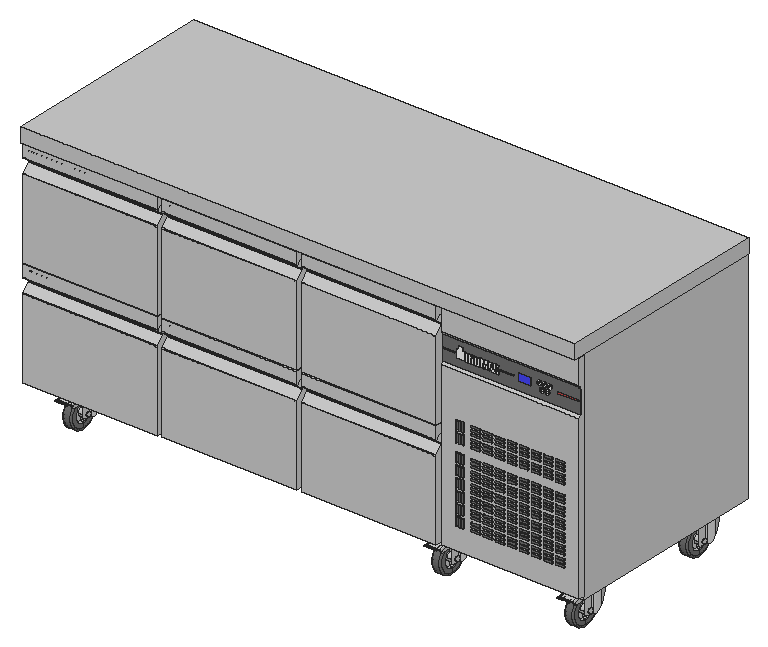
Revit family "QF_INOMAK_PNRP999_250513020157", category Specialty Equipment, Revit 2021 (continued)
Definition of nested family "QF_INOMAK_REF_COUNTERS_DOORS_DRAWERS_6956"
  Definition of nested family "3_Drawers_1-3"
    Forms (mm)
      Extrusion 5, solid, material <- "Finish", visible <- "3 Drawers"
        sketch origin (35, 0, -220.667) x (0, -1, 0) y (0, 0, 1)
          loop
            line (665.734, 908.339) -> (665.734, 935.243)
            arc (665.734, 935.243) -> (666.433, 936.929) -> (668.119, 937.628) r 2.385
            line (668.119, 937.628) -> (680.029, 937.628) -> (686.544, 928.324)
            arc (686.544, 928.324) -> (688.671, 927.602) -> (690, 929.414) r 1.9
            line (690, 929.414) -> (690, 967.667) -> (648, 967.667) -> (648, 674) -> (690, 674)
        from 0 to -1130
      Extrusion 6, solid, material <- "Finish", visible <- "3 Drawers"
        sketch origin (35, 0, -441.333) x (0, -1, 0) y (0, 0, 1)
          loop
            line (690, 595.333) -> (690, 800.031)
            arc (690, 800.031) -> (689.866, 800.704) -> (689.485, 801.274) r 1.757
            line (689.485, 801.274) -> (666.663, 824.096)
            arc (666.663, 824.096) -> (665.976, 825.125) -> (665.734, 826.339) r 3.172
            line (665.734, 826.339) -> (665.734, 857.243)
            arc (665.734, 857.243) -> (666.433, 858.929) -> (668.119, 859.628) r 2.385
            line (668.119, 859.628) -> (680.029, 859.628) -> (686.544, 850.324)
            arc (686.544, 850.324) -> (688.671, 849.602) -> (690, 851.414) r 1.9
            line (690, 851.414) -> (690, 889.333) -> (648, 889.333) -> (648, 595.333) -> (690, 595.333)
        from 0 to -1130
    Lines and regions (mm)
      symbolic lines, visible <- "3 Drawers"
        curve 1: line (35, -850, 900) -> (35, -890, 900)
        curve 2: line (35, -890, 900) -> (1165, -890, 900)
        curve 3: line (1165, -890, 900) -> (1165, -850, 900)
        curve 4: line (1165, -850, 900) -> (35, -850, 900)
        curve 5: line (1135, -850, 900) -> (1135, -700, 900)
        curve 6: line (65, -850, 900) -> (65, -700, 900)
        curve 7: line (35, -1040, 900) -> (35, -1080, 900)
        curve 8: line (35, -1080, 900) -> (1165, -1080, 900)
        curve 9: line (1165, -1080, 900) -> (1165, -1040, 900)
        curve 10: line (1165, -1040, 900) -> (35, -1040, 900)
        curve 11: line (1135, -1040, 900) -> (1135, -890, 900)
        curve 12: line (65, -1040, 900) -> (65, -890, 900)
        curve 13: line (35, -1225, 900) -> (35, -1265, 900)
        curve 14: line (35, -1265, 900) -> (1165, -1265, 900)
        curve 15: line (1165, -1265, 900) -> (1165, -1225, 900)
        curve 16: line (1165, -1225, 900) -> (35, -1225, 900)
        curve 17: line (1135, -1225, 900) -> (1135, -1080, 900)
        curve 18: line (65, -1225, 900) -> (65, -1080, 900)
    Dimensions and locks
      "Length Actual": plane 3 "Left" to plane 4 "Right"
      "Depth Actual": plane 5 "Front" to plane 1 "Back"
      "Height Actual": plane 6 "Top" to plane 8 "Legs top"
      "Front inset": plane 7 "Front legs" to plane 5 "Front"
      "Plinth height": plane 8 "Legs top" to plane 2
      "Rear inset": plane 9 "Backsplash thickness" to plane 1 "Back"
      "Right panel thickness": plane 11 "Right panel" to plane 4 "Right"
      "Left panel thickness": plane 3 "Left" to plane 10 "Left panel"
      plane 14 to plane 15 = 4.667 mm
      equal spacing: plane 14, plane 12, plane 15
      locked: plane 16 to plane 13 at 2
      equal spacing: plane 18, plane 17, plane 19
      plane 18 to plane 19 = 5.333 mm
      "Bottom inset": plane 20 to plane 8 "Legs top"
      equal spacing: plane 21, plane 17, plane 12, plane 16
      "Top inset": plane 13 to plane 6 "Top"
      locked: plane 21 to plane 20 at 2
      aligned and locked: level to plane 2
      aligned and locked: Extrusion 1 to plane 11 "Right panel"
      aligned and locked: plane 10 "Left panel" to curve 1
      aligned and locked: plane 10 "Left panel" to curve 7
      aligned and locked: plane 10 "Left panel" to curve 13
      aligned and locked: Extrusion 2 sketch curve to plane 10 "Left panel"
      aligned and locked: plane 11 "Right panel" to Extrusion 2 sketch curve
      aligned and locked: Extrusion 3 sketch curve to plane 10 "Left panel"
      aligned and locked: plane 11 "Right panel" to Extrusion 3 sketch curve
      aligned and locked: Extrusion 4 sketch curve to plane 10 "Left panel"
      aligned and locked: plane 11 "Right panel" to Extrusion 4 sketch curve
      aligned and locked: Extrusion 2 to plane 13
      aligned and locked: Extrusion 3 to plane 15
      aligned and locked: Extrusion 4 to plane 19
      aligned and locked: Extrusion 5 to plane 11 "Right panel"
      aligned and locked: Extrusion 6 to plane 11 "Right panel"
      aligned and locked: Extrusion 1 sketch curve to plane 13
      aligned and locked: Extrusion 1 sketch curve to plane 7 "Front legs"
      aligned and locked: plane 18 to Extrusion 5 sketch curve
      aligned and locked: Extrusion 6 sketch curve to Extrusion 4  (x2)
      aligned and locked: Extrusion 5 sketch curve to plane 15
      aligned and locked: Extrusion 4 to Extrusion 5 sketch curve
      aligned and locked: Extrusion 6 sketch curve to plane 19
      aligned and locked: Extrusion 6 sketch curve to plane 20
    Automatic sketch dimensions
      Extrusion 2 sketch curve to plane 7 "Front legs" = 0 mm
      Extrusion 2 sketch curve to plane 5 "Front" = 565.045 mm
      Extrusion 3 sketch curve to plane 7 "Front legs" = 0 mm
      Extrusion 3 sketch curve to plane 5 "Front" = 565.045 mm
      Extrusion 4 sketch curve to plane 7 "Front legs" = 0 mm
      Extrusion 4 sketch curve to plane 5 "Front" = 565.045 mm
      curve 14 to plane 11 "Right panel" = 0 mm
      curve 8 to plane 11 "Right panel" = 0 mm
      curve 3 to plane 11 "Right panel" = 0 mm
      curve 6 to plane 5 "Front" = 0 mm
      curve 5 to plane 5 "Front" = 0 mm
      curve 1 to plane 5 "Front" = 150 mm
      curve 2 to curve 3 = 40 mm
      curve 10 to curve 1 = 150 mm
      curve 9 to curve 9 = 40 mm
      curve 13 to curve 7 = 145 mm
      curve 14 to curve 13 = 40 mm
      curve 3 to curve 5 = 30 mm
      curve 15 to curve 17 = 30 mm
      curve 11 to curve 17 = 0 mm
      curve 6 to plane 10 "Left panel" = 30 mm
      curve 18 to plane 10 "Left panel" = 30 mm
      curve 12 to curve 18 = 0 mm
      Extrusion 1 sketch curve to plane 14 = 0 mm
      Extrusion 1 sketch curve to plane 7 "Front legs" = 0 mm
      plane 7 "Front legs" to Extrusion 1 sketch curve = 0.515 mm
      plane 7 "Front legs" to Extrusion 1 sketch curve = 1.757 mm
      plane 7 "Front legs" to Extrusion 1 sketch curve = 1.9 mm
      Extrusion 1 sketch curve to Extrusion 1 sketch curve = 1.556 mm
      plane 7 "Front legs" to Extrusion 1 sketch curve = 9.971 mm
      plane 7 "Front legs" to Extrusion 1 sketch curve = 21.094 mm
      Extrusion 1 sketch curve to Extrusion 1 sketch curve = 11.91 mm
      Extrusion 1 sketch curve to Extrusion 1 sketch curve = 2.243 mm
      Extrusion 1 sketch curve to Extrusion 1 sketch curve = 2.385 mm
      Extrusion 1 sketch curve to Extrusion 1 sketch curve = 20.119 mm
      plane 13 to Extrusion 1 sketch curve = 85.635 mm
      Extrusion 1 sketch curve to Extrusion 1 sketch curve = 22.822 mm
      Extrusion 1 sketch curve to Extrusion 1 sketch curve = 19.985 mm
      Extrusion 1 sketch curve to Extrusion 1 sketch curve = 6.919 mm
      plane 15 to Extrusion 5 sketch curve = 59.328 mm
      Extrusion 5 sketch curve to Extrusion 5 sketch curve = 17.734 mm
      plane 15 to Extrusion 5 sketch curve = 61.571 mm
      Extrusion 5 sketch curve to Extrusion 5 sketch curve = 0.929 mm
      Extrusion 5 sketch curve to Extrusion 5 sketch curve = 2.385 mm
      Extrusion 5 sketch curve to Extrusion 5 sketch curve = 11.91 mm
      Extrusion 5 sketch curve to Extrusion 5 sketch curve = 6.515 mm
      Extrusion 5 sketch curve to Extrusion 5 sketch curve = 1.556 mm
      Extrusion 5 sketch curve to Extrusion 5 sketch curve = 21.58 mm
      plane 15 to Extrusion 5 sketch curve = 84.393 mm
      Extrusion 5 sketch curve to Extrusion 5 sketch curve = 1.242 mm
      Extrusion 5 sketch curve to Extrusion 5 sketch curve = 1.9 mm
      Extrusion 5 sketch curve to Extrusion 5 sketch curve = 0.515 mm
      Extrusion 5 sketch curve to Extrusion 5 sketch curve = 6.919 mm
      Extrusion 5 sketch curve to Extrusion 5 sketch curve = 30.039 mm
      plane 7 "Front legs" to Extrusion 6 sketch curve = 0.515 mm
      plane 7 "Front legs" to Extrusion 6 sketch curve = 1.757 mm
      plane 7 "Front legs" to Extrusion 6 sketch curve = 1.9 mm
      Extrusion 6 sketch curve to Extrusion 6 sketch curve = 1.556 mm
      plane 7 "Front legs" to Extrusion 6 sketch curve = 9.971 mm
      plane 7 "Front legs" to Extrusion 6 sketch curve = 21.094 mm
      Extrusion 6 sketch curve to Extrusion 6 sketch curve = 11.91 mm
      Extrusion 6 sketch curve to Extrusion 6 sketch curve = 2.243 mm
      Extrusion 6 sketch curve to Extrusion 6 sketch curve = 2.385 mm
      Extrusion 6 sketch curve to Extrusion 6 sketch curve = 20.119 mm
      plane 19 to Extrusion 6 sketch curve = 89.302 mm
      Extrusion 6 sketch curve to Extrusion 6 sketch curve = 22.822 mm
      Extrusion 6 sketch curve to Extrusion 6 sketch curve = 23.985 mm
      Extrusion 6 sketch curve to Extrusion 6 sketch curve = 6.919 mm
  Definition of nested family "2_Drawers_1-2"
    Parameters (values of type "2 Drawers 1-2")
      URL = "www.specifiglobal.com"
      Top inset [instance] = 4 mm
      Right panel thickness [instance] = 35 mm
      Rear inset [instance] = 10 mm
      Plinth height [instance] = 150 mm
      Model = ""
      Manufacturer = "DEMO CONSULTANT"
      Length Actual [instance] = 1200 mm
      Left panel thickness [instance] = 35 mm
      Height Actual [instance] = 900 mm
      Front inset [instance] = 10 mm
      Finish = none
      Doors drawers type [instance] = 4
      Description = ""
      Depth Actual [instance] = 700 mm
      Default Elevation = 0 mm
      Bottom inset [instance] = 4 mm
      Assembly Code = "E1090320"
      2 Drawers [instance] = Doors drawers type = 4  # yes
    Reference planes
      plane 1 "Back": y = 0
      plane 2: z = 0
      plane 3 "Left": x = 0
      plane 4 "Right": x = 1200
      plane 5 "Front": y = -700
      plane 6 "Top": z = 1050
      plane 7 "Front legs": y = -690
      plane 8 "Legs top": z = 150
      plane 9 "Backsplash thickness": y = -10
      plane 10 "Left panel": x = 35
      plane 11 "Right panel": x = 1165
      plane 12: z = 600
      plane 13: z = 1046
      plane 14: z = 602
      plane 15: z = 598
      plane 16: z = 154
    Forms (mm)
      Extrusion 1, solid, material <- "Finish", visible <- "2 Drawers"
        sketch origin (35, 0, 0) x (0, -1, 0) y (0, 0, 1)
          loop
            line (690, 602) -> (690, 960.365)
            arc (690, 960.365) -> (689.866, 961.037) -> (689.485, 961.607) r 1.757
            line (689.485, 961.607) -> (666.663, 984.429)
            arc (666.663, 984.429) -> (665.976, 985.458) -> (665.734, 986.672) r 3.172
            line (665.734, 986.672) -> (665.734, 1013.576)
            arc (665.734, 1013.576) -> (666.433, 1015.262) -> (668.119, 1015.961) r 2.385
            line (668.119, 1015.961) -> (680.029, 1015.961) -> (686.544, 1006.657)
            arc (686.544, 1006.657) -> (688.671, 1005.935) -> (690, 1007.747) r 1.9
            line (690, 1007.747) -> (690, 1046) -> (648, 1046) -> (648, 602) -> (690, 602)
        from 0 to -1130
      Extrusion 2, solid, visible <- "2 Drawers", detail levels coarse
        sketch origin (0, -640.463, 602) x (0, 1, 0) y (-1, 0, 0)
          loop
            line (-49.537, -35) -> (-624.537, -35) -> (-624.537, -1165) -> (-49.537, -1165) -> (-49.537, -35)
        from 0 to 444
      Extrusion 3, solid, visible <- "2 Drawers", detail levels coarse
        sketch origin (0, -700, 154) x (-1, 0, 0) y (0, 1, 0)
          loop
            line (-35, 10) -> (-1165, 10) -> (-1165, -565) -> (-35, -565) -> (-35, 10)
        from 0 to -444
      Extrusion 4, solid, material <- "Finish", visible <- "2 Drawers"
        sketch origin (35, 0, -441.333) x (0, -1, 0) y (0, 0, 1)
          loop
            line (690, 595.333) -> (690, 953.698)
            arc (690, 953.698) -> (689.866, 954.37) -> (689.485, 954.94) r 1.757
            line (689.485, 954.94) -> (666.663, 977.763)
            arc (666.663, 977.763) -> (665.976, 978.792) -> (665.734, 980.006) r 3.172
            line (665.734, 980.006) -> (665.734, 1006.909)
            arc (665.734, 1006.909) -> (666.433, 1008.596) -> (668.119, 1009.294) r 2.385
            line (668.119, 1009.294) -> (680.029, 1009.294) -> (686.544, 999.991)
            arc (686.544, 999.991) -> (688.671, 999.268) -> (690, 1001.08) r 1.9
            line (690, 1001.08) -> (690, 1039.333) -> (648, 1039.333) -> (648, 595.333) -> (690, 595.333)
        from 0 to -1130
    Lines and regions (mm)
      symbolic lines, visible <- "2 Drawers"
        curve 1: line (35, -940, 900) -> (35, -980, 900)
        curve 2: line (35, -980, 900) -> (1165, -980, 900)
        curve 3: line (1165, -980, 900) -> (1165, -940, 900)
        curve 4: line (1165, -940, 900) -> (35, -940, 900)
        curve 5: line (1135, -940, 900) -> (1135, -700, 900)
        curve 6: line (65, -940, 900) -> (65, -700, 900)
        curve 7: line (35, -1225, 900) -> (35, -1265, 900)
        curve 8: line (35, -1265, 900) -> (1165, -1265, 900)
        curve 9: line (1165, -1265, 900) -> (1165, -1225, 900)
        curve 10: line (1165, -1225, 900) -> (35, -1225, 900)
        curve 11: line (1135, -1225, 900) -> (1135, -980, 900)
        curve 12: line (65, -1225, 900) -> (65, -980, 900)
    Dimensions and locks
      "Length Actual": plane 3 "Left" to plane 4 "Right"
      "Depth Actual": plane 5 "Front" to plane 1 "Back"
      "Height Actual": plane 6 "Top" to plane 8 "Legs top"
      "Front inset": plane 7 "Front legs" to plane 5 "Front"
      "Plinth height": plane 8 "Legs top" to plane 2
      "Rear inset": plane 9 "Backsplash thickness" to plane 1 "Back"
      "Right panel thickness": plane 11 "Right panel" to plane 4 "Right"
      "Left panel thickness": plane 3 "Left" to plane 10 "Left panel"
      "Top inset": plane 6 "Top" to plane 13
      "Bottom inset": plane 16 to plane 8 "Legs top"
      equal spacing: plane 16, plane 12, plane 13
      locked: plane 14 to plane 12 at 2
      locked: plane 15 to plane 12 at 2
      aligned and locked: level to plane 2
      aligned and locked: Extrusion 1 to plane 11 "Right panel"
      aligned and locked: plane 10 "Left panel" to curve 1
      aligned and locked: plane 10 "Left panel" to curve 7
      aligned and locked: Extrusion 2 sketch curve to plane 10 "Left panel"
      aligned and locked: plane 11 "Right panel" to Extrusion 2 sketch curve
      aligned and locked: Extrusion 3 sketch curve to plane 10 "Left panel"
      aligned and locked: plane 11 "Right panel" to Extrusion 3 sketch curve
      aligned and locked: Extrusion 2 to plane 13
      aligned and locked: Extrusion 4 to plane 11 "Right panel"
      aligned and locked: Extrusion 3 to plane 15
      aligned and locked: Extrusion 1 sketch curve to plane 13
      aligned and locked: Extrusion 1 sketch curve to plane 7 "Front legs"
      aligned and locked: plane 14 to Extrusion 1 sketch curve
      aligned and locked: Extrusion 4 sketch curve to plane 15
      aligned and locked: Extrusion 4 sketch curve to plane 7 "Front legs"
      aligned and locked: Extrusion 4 sketch curve to plane 16
    Automatic sketch dimensions
      Extrusion 2 sketch curve to plane 7 "Front legs" = 0 mm
      Extrusion 2 sketch curve to plane 5 "Front" = 565 mm
      Extrusion 3 sketch curve to plane 7 "Front legs" = 0 mm
      Extrusion 3 sketch curve to plane 5 "Front" = 565 mm
      curve 9 to plane 11 "Right panel" = 0 mm
      curve 2 to plane 11 "Right panel" = 0 mm
      curve 5 to plane 5 "Front" = 0 mm
      curve 6 to plane 5 "Front" = 0 mm
      curve 1 to plane 5 "Front" = 240 mm
      curve 3 to curve 3 = 40 mm
      curve 7 to curve 1 = 245 mm
      curve 8 to curve 9 = 40 mm
      plane 11 "Right panel" to curve 5 = 30 mm
      curve 2 to curve 11 = 30 mm
      curve 6 to plane 10 "Left panel" = 30 mm
      curve 12 to plane 10 "Left panel" = 30 mm
      Extrusion 1 sketch curve to Extrusion 1 sketch curve = 17.734 mm
      Extrusion 1 sketch curve to Extrusion 1 sketch curve = 0.929 mm
      Extrusion 1 sketch curve to Extrusion 1 sketch curve = 2.385 mm
      Extrusion 1 sketch curve to Extrusion 1 sketch curve = 3.172 mm
      Extrusion 1 sketch curve to Extrusion 1 sketch curve = 11.91 mm
      Extrusion 1 sketch curve to Extrusion 1 sketch curve = 6.515 mm
      Extrusion 1 sketch curve to Extrusion 1 sketch curve = 1.556 mm
      Extrusion 1 sketch curve to Extrusion 1 sketch curve = 21.58 mm
      Extrusion 1 sketch curve to Extrusion 1 sketch curve = 1.242 mm
      Extrusion 1 sketch curve to Extrusion 1 sketch curve = 1.9 mm
      Extrusion 1 sketch curve to Extrusion 1 sketch curve = 0.515 mm
      Extrusion 1 sketch curve to Extrusion 1 sketch curve = 22.822 mm
      Extrusion 1 sketch curve to Extrusion 1 sketch curve = 19.985 mm
      Extrusion 1 sketch curve to Extrusion 1 sketch curve = 6.919 mm
      Extrusion 1 sketch curve to Extrusion 1 sketch curve = 30.039 mm
      Extrusion 4 sketch curve to plane 7 "Front legs" = 0 mm
      plane 7 "Front legs" to Extrusion 4 sketch curve = 0.515 mm
      plane 7 "Front legs" to Extrusion 4 sketch curve = 1.757 mm
      plane 7 "Front legs" to Extrusion 4 sketch curve = 1.9 mm
      Extrusion 4 sketch curve to Extrusion 4 sketch curve = 1.556 mm
      plane 7 "Front legs" to Extrusion 4 sketch curve = 9.971 mm
      plane 7 "Front legs" to Extrusion 4 sketch curve = 21.094 mm
      Extrusion 4 sketch curve to Extrusion 4 sketch curve = 11.91 mm
      Extrusion 4 sketch curve to Extrusion 4 sketch curve = 2.243 mm
      Extrusion 4 sketch curve to Extrusion 4 sketch curve = 2.385 mm
      Extrusion 4 sketch curve to Extrusion 4 sketch curve = 20.119 mm
      Extrusion 4 sketch curve to Extrusion 4 sketch curve = 22.822 mm
      Extrusion 4 sketch curve to Extrusion 4 sketch curve = 19.985 mm
      Extrusion 4 sketch curve to Extrusion 4 sketch curve = 6.919 mm
      Extrusion 4 sketch curve to Extrusion 4 sketch curve = 30.039 mm
  Definition of nested family "2_Drawers_1-3_2-3"
    Parameters (values of type "2 Drawers 1-3 and 2-3")
      URL = "www.specifiglobal.com"
      Top inset [instance] = 4 mm
      Right panel thickness [instance] = 35 mm
      Rear inset [instance] = 10 mm
      Plinth height [instance] = 150 mm
      Model = ""
      Manufacturer = "DEMO CONSULTANT"
      Length Actual [instance] = 1200 mm
      Left panel thickness [instance] = 35 mm
      Height Actual [instance] = 900 mm
      Front inset [instance] = 10 mm
      Finish = none
      Doors drawers type [instance] = 5
      Description = ""
      Depth Actual [instance] = 700 mm
      Default Elevation = 0 mm
      Bottom inset [instance] = 4 mm
      Assembly Code = "E1090320"
      2 Drawers 1-3 and 2-3 [instance] = Doors drawers type = 5  # yes
    Reference planes
      plane 1 "Back": y = 0
      plane 2: z = 0
      plane 3 "Left": x = 0
      plane 4 "Right": x = 1200
      plane 5 "Front": y = -700
      plane 6 "Top": z = 1050
      plane 7 "Front legs": y = -690
      plane 8 "Legs top": z = 150
      plane 9 "Backsplash thickness": y = -10
      plane 10 "Left panel": x = 35
      plane 11 "Right panel": x = 1165
      plane 12: z = 1046
      plane 13: z = 751.833
      plane 14: z = 746.833
      plane 15: z = 154
      plane 16: z = 450.667
      plane 17: z = 152
      plane 18: z = 1048
      plane 19: z = 749.333
    Forms (mm)
      Extrusion 1, solid, material <- "Finish", visible <- "2 Drawers 1-3 and 2-3"
        sketch origin (35, 0, 0) x (0, -1, 0) y (0, 0, 1)
          loop
            line (690, 751.833) -> (690, 960.365)
            arc (690, 960.365) -> (689.866, 961.037) -> (689.485, 961.607) r 1.757
            line (689.485, 961.607) -> (666.663, 984.429)
            arc (666.663, 984.429) -> (665.976, 985.458) -> (665.734, 986.672) r 3.172
            line (665.734, 986.672) -> (665.734, 1013.576)
            arc (665.734, 1013.576) -> (666.433, 1015.262) -> (668.119, 1015.961) r 2.385
            line (668.119, 1015.961) -> (680.029, 1015.961) -> (686.544, 1006.657)
            arc (686.544, 1006.657) -> (688.671, 1005.935) -> (690, 1007.747) r 1.9
            line (690, 1007.747) -> (690, 1046) -> (648, 1046) -> (648, 751.833) -> (690, 751.833)
        from 0 to -1130
      Extrusion 2, solid, visible <- "2 Drawers 1-3 and 2-3", detail levels coarse
        sketch origin (0, -640.463, 751.833) x (0, 1, 0) y (-1, 0, 0)
          loop
            line (-49.537, -35) -> (-624.537, -35) -> (-624.537, -1165) -> (-49.537, -1165) -> (-49.537, -35)
        from 0 to 294.167
      Extrusion 3, solid, visible <- "2 Drawers 1-3 and 2-3", detail levels coarse
        sketch origin (0, -700, 154) x (-1, 0, 0) y (0, 1, 0)
          loop
            line (-35, 10) -> (-1165, 10) -> (-1165, -565) -> (-35, -565) -> (-35, 10)
        from 0 to -592.833
      Extrusion 4, solid, material <- "Finish", visible <- "2 Drawers 1-3 and 2-3"
        sketch origin (35, 0, -441.333) x (0, -1, 0) y (0, 0, 1)
          loop
            line (690, 595.333) -> (690, 1101.698)
            arc (690, 1101.698) -> (689.866, 1102.37) -> (689.485, 1102.94) r 1.757
            line (689.485, 1102.94) -> (666.663, 1126.596)
            arc (666.663, 1126.596) -> (665.976, 1127.625) -> (665.734, 1128.839) r 3.172
            line (665.734, 1128.839) -> (665.734, 1155.743)
            arc (665.734, 1155.743) -> (666.433, 1157.429) -> (668.119, 1158.128) r 2.385
            line (668.119, 1158.128) -> (680.029, 1158.128) -> (686.544, 1148.824)
            arc (686.544, 1148.824) -> (688.671, 1148.102) -> (690, 1149.914) r 1.9
            line (690, 1149.914) -> (690, 1188.167) -> (648, 1188.167) -> (648, 595.333) -> (690, 595.333)
        from 0 to -1130
    Lines and regions (mm)
      symbolic lines, visible <- "2 Drawers 1-3 and 2-3"
        curve 1: line (35, -1000, 900) -> (35, -1040, 900)
        curve 2: line (35, -1040, 900) -> (1165, -1040, 900)
        curve 3: line (1165, -1040, 900) -> (1165, -1000, 900)
        curve 4: line (1165, -1000, 900) -> (35, -1000, 900)
        curve 5: line (1135, -1000, 900) -> (1135, -700, 900)
        curve 6: line (65, -1000, 900) -> (65, -700, 900)
        curve 7: line (35, -1225, 900) -> (35, -1265, 900)
        curve 8: line (35, -1265, 900) -> (1165, -1265, 900)
        curve 9: line (1165, -1265, 900) -> (1165, -1225, 900)
        curve 10: line (1165, -1225, 900) -> (35, -1225, 900)
        curve 11: line (1135, -1225, 900) -> (1135, -1040, 900)
        curve 12: line (65, -1225, 900) -> (65, -1040, 900)
    Dimensions and locks
      "Length Actual": plane 3 "Left" to plane 4 "Right"
      "Depth Actual": plane 5 "Front" to plane 1 "Back"
      "Height Actual": plane 6 "Top" to plane 8 "Legs top"
      "Front inset": plane 7 "Front legs" to plane 5 "Front"
      "Plinth height": plane 8 "Legs top" to plane 2
      "Rear inset": plane 9 "Backsplash thickness" to plane 1 "Back"
      "Right panel thickness": plane 11 "Right panel" to plane 4 "Right"
      "Left panel thickness": plane 3 "Left" to plane 10 "Left panel"
      "Top inset": plane 6 "Top" to plane 12
      locked: plane 13 to plane 14 at 5
      "Bottom inset": plane 15 to plane 8 "Legs top"
      equal spacing: plane 17, plane 16, plane 19, plane 18
      equal spacing: plane 12, plane 18, plane 6 "Top"
      equal spacing: plane 14, plane 19, plane 13
      equal spacing: plane 15, plane 17, plane 8 "Legs top"
      aligned and locked: level to plane 2
      aligned and locked: Extrusion 1 to plane 11 "Right panel"
      aligned and locked: plane 10 "Left panel" to curve 1
      aligned and locked: plane 10 "Left panel" to curve 7
      aligned and locked: Extrusion 2 sketch curve to plane 10 "Left panel"
      aligned and locked: plane 11 "Right panel" to Extrusion 2 sketch curve
      aligned and locked: Extrusion 3 sketch curve to plane 10 "Left panel"
      aligned and locked: plane 11 "Right panel" to Extrusion 3 sketch curve
      aligned and locked: Extrusion 2 to plane 12
      aligned and locked: Extrusion 4 to plane 11 "Right panel"
      aligned and locked: Extrusion 3 to plane 14
      aligned and locked: plane 13 to Extrusion 1 sketch curve
      aligned and locked: Extrusion 2 to Extrusion 1 sketch curve
      aligned and locked: Extrusion 3 to Extrusion 4 sketch curve
      aligned and locked: Extrusion 4 sketch curve to Extrusion 3  (x2)
      aligned and locked: Extrusion 1 sketch curve to plane 7 "Front legs"
    Automatic sketch dimensions
      Extrusion 2 sketch curve to plane 7 "Front legs" = 0 mm
      Extrusion 2 sketch curve to plane 5 "Front" = 565 mm
      Extrusion 3 sketch curve to plane 7 "Front legs" = 0 mm
      Extrusion 3 sketch curve to plane 5 "Front" = 565 mm
      curve 9 to plane 11 "Right panel" = 0 mm
      curve 2 to plane 11 "Right panel" = 0 mm
      curve 5 to plane 5 "Front" = 0 mm
      curve 6 to plane 5 "Front" = 0 mm
      curve 1 to plane 5 "Front" = 300 mm
      curve 3 to curve 3 = 40 mm
      curve 7 to curve 1 = 185 mm
      curve 8 to curve 9 = 40 mm
      plane 11 "Right panel" to curve 5 = 30 mm
      curve 11 to curve 5 = 0 mm
      curve 6 to plane 10 "Left panel" = 30 mm
      curve 12 to curve 6 = 0 mm
      Extrusion 1 sketch curve to plane 7 "Front legs" = 0 mm
      plane 7 "Front legs" to Extrusion 1 sketch curve = 0.515 mm
      plane 7 "Front legs" to Extrusion 1 sketch curve = 1.757 mm
      plane 7 "Front legs" to Extrusion 1 sketch curve = 1.9 mm
      Extrusion 1 sketch curve to Extrusion 1 sketch curve = 1.556 mm
      plane 7 "Front legs" to Extrusion 1 sketch curve = 9.971 mm
      plane 7 "Front legs" to Extrusion 1 sketch curve = 21.094 mm
      Extrusion 1 sketch curve to Extrusion 1 sketch curve = 11.91 mm
      Extrusion 1 sketch curve to Extrusion 1 sketch curve = 2.243 mm
      Extrusion 1 sketch curve to Extrusion 1 sketch curve = 2.385 mm
      Extrusion 1 sketch curve to Extrusion 1 sketch curve = 20.119 mm
      plane 12 to Extrusion 1 sketch curve = 85.635 mm
      Extrusion 1 sketch curve to Extrusion 1 sketch curve = 22.822 mm
      Extrusion 1 sketch curve to Extrusion 1 sketch curve = 19.985 mm
      Extrusion 1 sketch curve to Extrusion 1 sketch curve = 6.919 mm
      plane 12 to Extrusion 1 sketch curve = 0 mm
      Extrusion 4 sketch curve to plane 7 "Front legs" = 0 mm
      plane 7 "Front legs" to Extrusion 4 sketch curve = 0.515 mm
      plane 7 "Front legs" to Extrusion 4 sketch curve = 1.9 mm
      Extrusion 4 sketch curve to Extrusion 4 sketch curve = 1.556 mm
      plane 7 "Front legs" to Extrusion 4 sketch curve = 9.971 mm
      plane 7 "Front legs" to Extrusion 4 sketch curve = 21.094 mm
      Extrusion 4 sketch curve to Extrusion 4 sketch curve = 11.91 mm
      Extrusion 4 sketch curve to Extrusion 4 sketch curve = 2.243 mm
      Extrusion 4 sketch curve to Extrusion 4 sketch curve = 2.385 mm
      Extrusion 4 sketch curve to Extrusion 4 sketch curve = 20.119 mm
      Extrusion 4 sketch curve to Extrusion 4 sketch curve = 86.469 mm
      Extrusion 4 sketch curve to Extrusion 4 sketch curve = 23.656 mm
      Extrusion 4 sketch curve to Extrusion 4 sketch curve = 19.985 mm
      Extrusion 4 sketch curve to Extrusion 4 sketch curve = 6.919 mm
      plane 7 "Front legs" to Extrusion 4 sketch curve = 1.757 mm
  Definition of nested family "Sliding_Doors"
    Parameters (values of type "Sliding doors")
      URL = "www.specifiglobal.com"
      Top inset [instance] = 4 mm
      Sliding doors [instance] = Doors drawers type = 2  # yes
      Right panel thickness [instance] = 35 mm
      Rear inset [instance] = 10 mm
      Plinth height [instance] = 150 mm
      Model = ""
      Manufacturer = "DEMO CONSULTANT"
      Length Actual [instance] = 1200 mm
      Left panel thickness [instance] = 35 mm
      Height Actual [instance] = 900 mm
      Front inset [instance] = 10 mm
      Finish [instance] = none
      Doors drawers type [instance] = 2
      Description = ""
      Depth Actual [instance] = 700 mm
      Default Elevation = 0 mm
      Bottom inset [instance] = 4 mm
      Assembly Code = "E1090320"
    Reference planes
      plane 1 "Back": y = 0
      plane 2: z = 0
      plane 3 "Left": x = 0
      plane 4 "Right": x = 1200
      plane 5 "Front": y = -700
      plane 6 "Top": z = 1050
      plane 7 "Front legs": y = -690
      plane 8 "Legs top": z = 150
      plane 9 "Backsplash thickness": y = -10
      plane 10: x = 35
      plane 11: x = 1165
      plane 12 "Center Left-Right": x = 600
      plane 13: z = 154
      plane 14: z = 1046
    Forms (mm)
      Extrusion 1, solid, material <- "Finish", visible <- "Sliding doors"
        sketch origin (0, -690, 154) x (-1, 0, 0) y (0, 1, 0)
          loop
            line (-35, 10) -> (-35, 20) -> (-620, 20) -> (-620, 0) -> (-91.156, 0)
            arc (-91.156, 0) -> (-85.272, 0.885) -> (-79.91, 3.461) r 20
            line (-79.91, 3.461) -> (-60, 17) -> (-38, 17) -> (-38, 10)
            arc (-38, 10) -> (-40.05, 5.05) -> (-45, 3) r 7
            line (-45, 3) -> (-50.012, 3) -> (-50.012, 0) -> (-45, 0)
            arc (-45, 0) -> (-37.929, 2.929) -> (-35, 10) r 10
        from 0 to -892
      Extrusion 2, solid, material <- "Finish", visible <- "Sliding doors"
        sketch origin (0, -689, 154) x (-1, 0, 0) y (0, 1, 0)
          loop
            arc (-1065, 30) -> (-1062.071, 22.929) -> (-1055, 20) r 10
            line (-1055, 20) -> (-1049.988, 20) -> (-1049.988, 23) -> (-1055, 23)
            arc (-1055, 23) -> (-1059.95, 25.05) -> (-1062, 30) r 7
            line (-1062, 30) -> (-1062, 37) -> (-1040, 37) -> (-1020.09, 23.461)
            arc (-1020.09, 23.461) -> (-1014.728, 20.885) -> (-1008.844, 20) r 20
            line (-1008.844, 20) -> (-480, 20) -> (-480, 40) -> (-1065, 40) -> (-1065, 30)
        from 0 to -892
    Lines and regions (mm)
      symbolic lines, visible <- "Sliding doors"
        curve 1: line (1065, -649, 150) -> (480, -649, 150)
        curve 2: line (1065, -669, 150) -> (1065, -649, 150)
        curve 3: line (480, -669, 150) -> (1065, -669, 150)
        curve 4: line (480, -649, 150) -> (480, -669, 150)
        curve 5: line (620, -690, 150) -> (35, -690, 150)
        curve 6: line (620, -670, 150) -> (620, -690, 150)
        curve 7: line (35, -670, 150) -> (620, -670, 150)
        curve 8: line (35, -690, 150) -> (35, -670, 150)
    Dimensions and locks
      "Length Actual": plane 3 "Left" to plane 4 "Right"
      "Depth Actual": plane 5 "Front" to plane 1 "Back"
      "Height Actual": plane 6 "Top" to plane 8 "Legs top"
      "Front inset": plane 7 "Front legs" to plane 5 "Front"
      "Plinth height": plane 8 "Legs top" to plane 2
      "Rear inset": plane 9 "Backsplash thickness" to plane 1 "Back"
      "Right panel thickness": plane 11 to plane 4 "Right"
      "Left panel thickness": plane 3 "Left" to plane 10
      equal spacing: plane 10, plane 12 "Center Left-Right", plane 11
      "Top inset": plane 6 "Top" to plane 14
      "Bottom inset": plane 13 to plane 8 "Legs top"
      locked: plane 12 "Center Left-Right" to curve 4 at 120
      locked: plane 12 "Center Left-Right" to curve 5 at 20
      locked: plane 11 to curve 1 at 100
      aligned and locked: level to plane 2
      aligned and locked: Extrusion 1 sketch curve to plane 7 "Front legs"
      aligned and locked: Extrusion 1 sketch curve to plane 10
      aligned and locked: Extrusion 1 to plane 14
      aligned and locked: Extrusion 2 to plane 14
      aligned and locked: curve 8 to plane 10
    Automatic sketch dimensions
      Extrusion 2 sketch curve to Extrusion 2 sketch curve = 0 mm  (x2)
      plane 11 to Extrusion 2 sketch curve = 100 mm
      Extrusion 2 sketch curve to Extrusion 2 sketch curve = 3 mm
      Extrusion 2 sketch curve to Extrusion 2 sketch curve = 7 mm  (x2)
      Extrusion 2 sketch curve to Extrusion 2 sketch curve = 5.012 mm
      plane 7 "Front legs" to Extrusion 2 sketch curve = 38 mm
      Extrusion 2 sketch curve to Extrusion 2 sketch curve = 15 mm
      plane 7 "Front legs" to Extrusion 2 sketch curve = 24.461 mm
      Extrusion 2 sketch curve to Extrusion 2 sketch curve = 19.91 mm
      Extrusion 2 sketch curve to Extrusion 2 sketch curve = 11.246 mm
      Extrusion 2 sketch curve to plane 12 "Center Left-Right" = 120 mm
      Extrusion 2 sketch curve to Extrusion 2 sketch curve = 16.539 mm
      Extrusion 2 sketch curve to Extrusion 2 sketch curve = 20 mm
      Extrusion 1 sketch curve to Extrusion 1 sketch curve = 0 mm  (x2)
      Extrusion 1 sketch curve to plane 7 "Front legs" = 0 mm
      Extrusion 1 sketch curve to plane 10 = 3 mm
      Extrusion 1 sketch curve to Extrusion 1 sketch curve = 7 mm
      Extrusion 1 sketch curve to Extrusion 1 sketch curve = 5.012 mm
      Extrusion 1 sketch curve to Extrusion 1 sketch curve = 15 mm
      plane 7 "Front legs" to Extrusion 1 sketch curve = 3.461 mm
      Extrusion 1 sketch curve to Extrusion 1 sketch curve = 19.91 mm
      Extrusion 1 sketch curve to Extrusion 1 sketch curve = 11.246 mm
      plane 12 "Center Left-Right" to Extrusion 1 sketch curve = 20 mm
      Extrusion 1 sketch curve to Extrusion 1 sketch curve = 20 mm
      Extrusion 1 sketch curve to Extrusion 1 sketch curve = 3 mm
      curve 8 to plane 7 "Front legs" = 0 mm
      curve 5 to curve 6 = 20 mm
      plane 7 "Front legs" to curve 2 = 21 mm
      curve 2 to curve 2 = 20 mm
  Definition of nested family "4_Drawers_1-4"
    Parameters (values of type "4 Drawers 1-4")
      URL = "www.specifiglobal.com"
      Top inset [instance] = 4 mm
      Right panel thickness [instance] = 35 mm
      Rear inset [instance] = 10 mm
      Plinth height [instance] = 150 mm
      Model = ""
      Manufacturer = "DEMO CONSULTANT"
      Length Actual [instance] = 1200 mm
      Left panel thickness [instance] = 35 mm
      Height Actual [instance] = 900 mm
      Front inset [instance] = 10 mm
      Finish [instance] = none
      Doors drawers type [instance] = 7
      Description = ""
      Depth Actual [instance] = 700 mm
      Default Elevation = 0 mm
      Bottom inset [instance] = 4 mm
      Assembly Code = "E1090320"
      4 Drawers [instance] = Doors drawers type = 7  # yes
    Reference planes
      plane 1 "Back": y = 0
      plane 2: z = 0
      plane 3 "Left": x = 0
      plane 4 "Right": x = 1200
      plane 5 "Front": y = -700
      plane 6 "Top": z = 1050
      plane 7 "Front legs": y = -690
      plane 8 "Legs top": z = 150
      plane 9 "Backsplash thickness": y = -10
      plane 10 "Left panel": x = 35
      plane 11 "Right panel": x = 1165
      plane 12: z = 824.25
      plane 13: z = 1046
      plane 14: z = 826.083
      plane 15: z = 822.417
      plane 16: z = 1048.5
      plane 17: z = 375.75
      plane 18: z = 377.917
      plane 19: z = 373.583
      plane 20: z = 154
      plane 21: z = 151.5
      plane 22: z = 600
      plane 23: z = 601.833
      plane 24: z = 598.167
    Forms (mm)
      Extrusion 1, solid, material <- "Finish", visible <- "4 Drawers"
        sketch origin (35, 0, -1) x (0, -1, 0) y (0, 0, 1)
          loop
            line (680, 1047) -> (670, 1047) -> (670, 827.083) -> (690, 827.083) -> (690, 990.844)
            arc (690, 990.844) -> (689.115, 996.728) -> (686.539, 1002.09) r 20
            line (686.539, 1002.09) -> (673, 1022) -> (673, 1044) -> (680, 1044)
            arc (680, 1044) -> (684.95, 1041.95) -> (687, 1037) r 7
            line (687, 1037) -> (687, 1031.988) -> (690, 1031.988) -> (690, 1037)
            arc (690, 1037) -> (687.071, 1044.071) -> (680, 1047) r 10
        from 0 to -1130
      Extrusion 2, solid, visible <- "4 Drawers", detail levels coarse
        sketch origin (0, -640.463, 826.083) x (0, 1, 0) y (-1, 0, 0)
          loop
            line (-49.537, -35) -> (-624.537, -35) -> (-624.537, -1165) -> (-49.537, -1165) -> (-49.537, -35)
        from 0 to 219.917
      Extrusion 3, solid, visible <- "4 Drawers", detail levels coarse
        sketch origin (0, -700, 154) x (-1, 0, 0) y (0, 1, 0)
          loop
            line (-35, 10) -> (-1165, 10) -> (-1165, -565) -> (-35, -565) -> (-35, 10)
        from 0 to -219.583
      Extrusion 4, solid, material <- "Finish", visible <- "4 Drawers"
        sketch origin (35, 0, -440.333) x (0, -1, 0) y (0, 0, 1)
          loop
            line (680, 813.917) -> (670, 813.917) -> (670, 594.333) -> (690, 594.333) -> (690, 757.761)
            arc (690, 757.761) -> (689.115, 763.644) -> (686.539, 769.007) r 20
            line (686.539, 769.007) -> (673, 788.917) -> (673, 810.917) -> (680, 810.917)
            arc (680, 810.917) -> (684.95, 808.866) -> (687, 803.917) r 7
            line (687, 803.917) -> (687, 798.904) -> (690, 798.904) -> (690, 803.917)
            arc (690, 803.917) -> (687.071, 810.988) -> (680, 813.917) r 10
        from 0 to -1130
      Extrusion 5, solid, material <- "Finish", visible <- "4 Drawers"
        sketch origin (35, 0, -165.333) x (0, -1, 0) y (0, 0, 1)
          loop
            line (680, 987.75) -> (670, 987.75) -> (670, 767.167) -> (690, 767.167) -> (690, 931.594)
            arc (690, 931.594) -> (689.115, 937.478) -> (686.539, 942.84) r 20
            line (686.539, 942.84) -> (673, 962.75) -> (673, 984.75) -> (680, 984.75)
            arc (680, 984.75) -> (684.95, 982.7) -> (687, 977.75) r 7
            line (687, 977.75) -> (687, 972.738) -> (690, 972.738) -> (690, 977.75)
            arc (690, 977.75) -> (687.071, 984.821) -> (680, 987.75) r 10
        from 0 to -1130
      Extrusion 6, solid, material <- "Finish", visible <- "4 Drawers"
        sketch origin (35, 0, -330.333) x (0, -1, 0) y (0, 0, 1)
          loop
            line (680, 928.5) -> (670, 928.5) -> (670, 708.25) -> (690, 708.25) -> (690, 872.344)
            arc (690, 872.344) -> (689.115, 878.228) -> (686.539, 883.59) r 20
            line (686.539, 883.59) -> (673, 903.5) -> (673, 925.5) -> (680, 925.5)
            arc (680, 925.5) -> (684.95, 923.45) -> (687, 918.5) r 7
            line (687, 918.5) -> (687, 913.488) -> (690, 913.488) -> (690, 918.5)
            arc (690, 918.5) -> (687.071, 925.571) -> (680, 928.5) r 10
        from 0 to -1130
      Extrusion 7, solid, visible <- "4 Drawers", detail levels coarse
        sketch origin (0, -500.463, 601.833) x (0, 1, 0) y (-1, 0, 0)
          loop
            line (-189.537, -35) -> (-764.537, -35) -> (-764.537, -1165) -> (-189.537, -1165) -> (-189.537, -35)
        from 0 to 220.583
      Extrusion 8, solid, visible <- "4 Drawers", detail levels coarse
        sketch origin (0, -540.463, 377.917) x (0, 1, 0) y (-1, 0, 0)
          loop
            line (-149.537, -35) -> (-724.537, -35) -> (-724.537, -1165) -> (-149.537, -1165) -> (-149.537, -35)
        from 0 to 220.25
    Lines and regions (mm)
      symbolic lines, visible <- "4 Drawers"
        curve 1: line (35, -945, 900) -> (35, -985, 900)
        curve 2: line (35, -985, 900) -> (1165, -985, 900)
        curve 3: line (1165, -985, 900) -> (1165, -945, 900)
        curve 4: line (1165, -945, 900) -> (35, -945, 900)
        curve 5: line (1135, -945, 900) -> (1135, -845, 900)
        curve 6: line (65, -945, 900) -> (65, -845, 900)
        curve 7: line (35, -1085, 900) -> (35, -1125, 900)
        curve 8: line (35, -1125, 900) -> (1165, -1125, 900)
        curve 9: line (1165, -1125, 900) -> (1165, -1085, 900)
        curve 10: line (1165, -1085, 900) -> (35, -1085, 900)
        curve 11: line (1135, -1085, 900) -> (1135, -985, 900)
        curve 12: line (65, -1085, 900) -> (65, -985, 900)
        curve 13: line (35, -1225, 900) -> (35, -1265, 900)
        curve 14: line (35, -1265, 900) -> (1165, -1265, 900)
        curve 15: line (1165, -1265, 900) -> (1165, -1225, 900)
        curve 16: line (1165, -1225, 900) -> (35, -1225, 900)
        curve 17: line (1135, -1225, 900) -> (1135, -1125, 900)
        curve 18: line (65, -1225, 900) -> (65, -1125, 900)
        curve 19: line (35, -805, 900) -> (35, -845, 900)
        curve 20: line (35, -845, 900) -> (1165, -845, 900)
        curve 21: line (1165, -845, 900) -> (1165, -805, 900)
        curve 22: line (1165, -805, 900) -> (35, -805, 900)
        curve 23: line (65, -805, 900) -> (65, -700, 900)
        curve 24: line (1135, -805, 900) -> (1135, -700, 900)
    Dimensions and locks
      "Length Actual": plane 3 "Left" to plane 4 "Right"
      "Depth Actual": plane 5 "Front" to plane 1 "Back"
      "Height Actual": plane 6 "Top" to plane 8 "Legs top"
      "Front inset": plane 7 "Front legs" to plane 5 "Front"
      "Plinth height": plane 8 "Legs top" to plane 2
      "Rear inset": plane 9 "Backsplash thickness" to plane 1 "Back"
      "Right panel thickness": plane 11 "Right panel" to plane 4 "Right"
      "Left panel thickness": plane 3 "Left" to plane 10 "Left panel"
      locked: plane 14 to plane 15 at 3.667
      equal spacing: plane 14, plane 12, plane 15
      locked: plane 23 to plane 24 at 3.667
      equal spacing: plane 23, plane 22, plane 24
      "Bottom inset": plane 20 to plane 8 "Legs top"
      equal spacing: plane 19, plane 17, plane 18
      locked: plane 19 to plane 18 at 4.333
      equal spacing: plane 21, plane 17, plane 22, plane 12, plane 16
      locked: plane 13 to plane 16 at 2.5
      "Top inset": plane 13 to plane 6 "Top"
      locked: plane 21 to plane 20 at 2.5
      aligned and locked: level to plane 2
      aligned and locked: plane 7 "Front legs" to Extrusion 1 sketch curve  (x2)
      aligned and locked: Extrusion 1 to plane 11 "Right panel"
      aligned and locked: Extrusion 1 sketch curve to plane 13
      aligned and locked: Extrusion 1 sketch curve to plane 14
      aligned and locked: plane 10 "Left panel" to curve 1
      aligned and locked: plane 10 "Left panel" to curve 7
      aligned and locked: plane 10 "Left panel" to curve 13
      aligned and locked: Extrusion 2 sketch curve to plane 10 "Left panel"
      aligned and locked: plane 11 "Right panel" to Extrusion 2 sketch curve
      aligned and locked: Extrusion 3 sketch curve to plane 10 "Left panel"
      aligned and locked: plane 11 "Right panel" to Extrusion 3 sketch curve
      aligned and locked: Extrusion 2 to plane 13
      aligned and locked: Extrusion 3 to plane 19
      aligned and locked: plane 20 to Extrusion 4 sketch curve
      aligned and locked: Extrusion 4 to plane 11 "Right panel"
      aligned and locked: Extrusion 5 sketch curve to plane 15
      aligned and locked: plane 7 "Front legs" to Extrusion 5 sketch curve
      aligned and locked: Extrusion 5 sketch curve to plane 23
      aligned and locked: Extrusion 6 sketch curve to plane 24
      aligned and locked: plane 7 "Front legs" to Extrusion 6 sketch curve
      aligned and locked: Extrusion 6 sketch curve to plane 18
      aligned and locked: Extrusion 7 to plane 15
      aligned and locked: Extrusion 8 to plane 24
      aligned and locked: Extrusion 5 to plane 11 "Right panel"
      aligned and locked: Extrusion 6 to plane 11 "Right panel"
    Automatic sketch dimensions
      Extrusion 1 sketch curve to Extrusion 1 sketch curve = 0 mm  (x2)
      plane 7 "Front legs" to Extrusion 1 sketch curve = 3 mm
      plane 7 "Front legs" to Extrusion 1 sketch curve = 3.461 mm
      plane 7 "Front legs" to Extrusion 1 sketch curve = 10 mm
      Extrusion 1 sketch curve to Extrusion 1 sketch curve = 7 mm
      plane 7 "Front legs" to Extrusion 1 sketch curve = 20 mm  (x2)
      Extrusion 1 sketch curve to Extrusion 1 sketch curve = 46.156 mm
      Extrusion 1 sketch curve to Extrusion 1 sketch curve = 15 mm
      Extrusion 1 sketch curve to Extrusion 1 sketch curve = 5.012 mm
      Extrusion 2 sketch curve to plane 7 "Front legs" = 0 mm
      Extrusion 2 sketch curve to plane 5 "Front" = 565 mm
      Extrusion 3 sketch curve to plane 7 "Front legs" = 0 mm
      Extrusion 3 sketch curve to plane 5 "Front" = 565 mm
      Extrusion 5 sketch curve to Extrusion 5 sketch curve = 0 mm  (x2)
      Extrusion 5 sketch curve to plane 7 "Front legs" = 0 mm
      plane 7 "Front legs" to Extrusion 5 sketch curve = 3 mm
      plane 7 "Front legs" to Extrusion 5 sketch curve = 3.461 mm
      plane 7 "Front legs" to Extrusion 5 sketch curve = 10 mm
      Extrusion 5 sketch curve to Extrusion 5 sketch curve = 7 mm
      plane 7 "Front legs" to Extrusion 5 sketch curve = 20 mm  (x2)
      Extrusion 5 sketch curve to Extrusion 5 sketch curve = 46.156 mm
      Extrusion 5 sketch curve to Extrusion 5 sketch curve = 15 mm
      Extrusion 5 sketch curve to Extrusion 5 sketch curve = 5.012 mm
      Extrusion 6 sketch curve to Extrusion 6 sketch curve = 0 mm  (x2)
      Extrusion 6 sketch curve to plane 7 "Front legs" = 0 mm
      plane 7 "Front legs" to Extrusion 6 sketch curve = 3 mm
      plane 7 "Front legs" to Extrusion 6 sketch curve = 3.461 mm
      plane 7 "Front legs" to Extrusion 6 sketch curve = 10 mm
      Extrusion 6 sketch curve to Extrusion 6 sketch curve = 7 mm
      plane 7 "Front legs" to Extrusion 6 sketch curve = 20 mm  (x2)
      Extrusion 6 sketch curve to Extrusion 6 sketch curve = 46.156 mm
      Extrusion 6 sketch curve to Extrusion 6 sketch curve = 15 mm
      Extrusion 6 sketch curve to Extrusion 6 sketch curve = 5.012 mm
      curve 14 to plane 11 "Right panel" = 0 mm
      curve 8 to plane 11 "Right panel" = 0 mm
      curve 2 to plane 11 "Right panel" = 0 mm
      curve 21 to plane 11 "Right panel" = 0 mm
      curve 20 to plane 10 "Left panel" = 0 mm
      curve 23 to plane 5 "Front" = 0 mm
      curve 24 to plane 5 "Front" = 0 mm
      curve 21 to plane 5 "Front" = 105 mm
      curve 20 to curve 21 = 40 mm
      curve 3 to curve 20 = 100 mm
      curve 3 to curve 3 = 40 mm
      curve 10 to curve 1 = 100 mm
      curve 9 to curve 9 = 40 mm
      curve 15 to curve 8 = 100 mm
      curve 15 to curve 15 = 40 mm
      plane 11 "Right panel" to curve 24 = 30 mm
      curve 8 to curve 17 = 30 mm
      curve 11 to curve 17 = 0 mm
      curve 23 to plane 10 "Left panel" = 30 mm
      curve 12 to curve 6 = 0 mm
      curve 18 to curve 12 = 0 mm
      Extrusion 4 sketch curve to Extrusion 4 sketch curve = 0 mm  (x2)
      plane 19 to Extrusion 4 sketch curve = 0 mm
      Extrusion 4 sketch curve to plane 7 "Front legs" = 0 mm  (x2)
      plane 7 "Front legs" to Extrusion 4 sketch curve = 3 mm
      plane 7 "Front legs" to Extrusion 4 sketch curve = 3.461 mm
      plane 7 "Front legs" to Extrusion 4 sketch curve = 10 mm
      Extrusion 4 sketch curve to Extrusion 4 sketch curve = 7 mm
      plane 7 "Front legs" to Extrusion 4 sketch curve = 20 mm  (x2)
      Extrusion 4 sketch curve to Extrusion 4 sketch curve = 46.156 mm
      Extrusion 4 sketch curve to Extrusion 4 sketch curve = 15 mm
      Extrusion 4 sketch curve to Extrusion 4 sketch curve = 5.012 mm
      Extrusion 7 sketch curve to plane 10 "Left panel" = 0 mm
      Extrusion 7 sketch curve to plane 11 "Right panel" = 0 mm
      Extrusion 7 sketch curve to plane 7 "Front legs" = 0 mm
      Extrusion 7 sketch curve to plane 5 "Front" = 565 mm
      Extrusion 8 sketch curve to plane 10 "Left panel" = 0 mm
      Extrusion 8 sketch curve to plane 11 "Right panel" = 0 mm
      Extrusion 8 sketch curve to plane 7 "Front legs" = 0 mm
      Extrusion 8 sketch curve to plane 5 "Front" = 565 mm
      curve 6 to plane 10 "Left panel" = 30 mm
      curve 5 to curve 24 = 0 mm
  Definition of nested family "Hinged_Doors"
    Parameters (values of type "Hinged doors")
      URL = "www.specifiglobal.com"
      Top inset [instance] = 4 mm
      Right panel thickness [instance] = 35 mm
      Rear inset [instance] = 10 mm
      Plinth height [instance] = 150 mm
      Model = ""
      Manufacturer = "DEMO CONSULTANT"
      Length Actual [instance] = 1200 mm
      Left panel thickness [instance] = 35 mm
      Hinged doors [instance] = Doors drawers type = 3  # yes
      Height Actual [instance] = 900 mm
      Front inset [instance] = 10 mm
      Finish [instance] = none
      Doors drawers type [instance] = 3
      Description = ""
      Depth Actual [instance] = 700 mm
      Default Elevation = 0 mm
      Bottom inset [instance] = 4 mm
      Assembly Code = "E1090320"
    Reference planes
      plane 1 "Back": y = 0
      plane 2: z = 0
      plane 3 "Left": x = 0
      plane 4 "Right": x = 1200
      plane 5 "Front": y = -700
      plane 6 "Top": z = 1050
      plane 7 "Front legs": y = -690
      plane 8 "Legs top": z = 150
      plane 9 "Backsplash thickness": y = -10
      plane 10: x = 35
      plane 11: x = 1165
      plane 12 "Center Left-Right": x = 600
      plane 13: x = 597.5
      plane 14: x = 602.5
      plane 15: z = 154
      plane 16: z = 1046
    Forms (mm)
      Extrusion 1, solid, material <- "Finish", visible <- "Hinged doors"
        sketch origin (35, -2307.849, 4000) x (0, -1, 0) y (0, 0, 1)
          loop
            line (-1627.849, -2954) -> (-1637.849, -2954) -> (-1637.849, -3846) -> (-1617.849, -3846) -> (-1617.849, -3010.156)
            arc (-1617.849, -3010.156) -> (-1618.734, -3004.272) -> (-1621.31, -2998.91) r 20
            line (-1621.31, -2998.91) -> (-1634.849, -2979) -> (-1634.849, -2957) -> (-1627.849, -2957)
            arc (-1627.849, -2957) -> (-1622.899, -2959.05) -> (-1620.849, -2964) r 7
            line (-1620.849, -2964) -> (-1620.849, -2969.012) -> (-1617.849, -2969.012) -> (-1617.849, -2964)
            arc (-1617.849, -2964) -> (-1620.778, -2956.929) -> (-1627.849, -2954) r 10
        from 0 to -562.5
      Extrusion 2, solid, visible <- "Hinged doors", detail levels coarse
        sketch origin (0, -700, 154) x (-1, 0, 0) y (0, 1, 0)
          loop
            line (-35, 10) -> (-597.5, 10)
            arc (-597.5, 10) -> (-432.748, -387.748) -> (-35, -552.5) r 562.5
            line (-35, -552.5) -> (-35, 10)
        from 0 to -892
      Extrusion 3, solid, material <- "Finish", visible <- "Hinged doors"
        sketch origin (1165, -2312.576, 4000) x (0, -1, 0) y (0, 0, 1)
          loop
            line (-1632.576, -2954) -> (-1642.576, -2954) -> (-1642.576, -3846) -> (-1622.576, -3846) -> (-1622.576, -3010.156)
            arc (-1622.576, -3010.156) -> (-1623.46, -3004.272) -> (-1626.037, -2998.91) r 20
            line (-1626.037, -2998.91) -> (-1639.576, -2979) -> (-1639.576, -2957) -> (-1632.576, -2957)
            arc (-1632.576, -2957) -> (-1627.626, -2959.05) -> (-1625.576, -2964) r 7
            line (-1625.576, -2964) -> (-1625.576, -2969.012) -> (-1622.576, -2969.012) -> (-1622.576, -2964)
            arc (-1622.576, -2964) -> (-1625.504, -2956.929) -> (-1632.576, -2954) r 10
        from 0 to 562.5
      Extrusion 4, solid, visible <- "Hinged doors", detail levels coarse
        sketch origin (0, -700, 154) x (-1, 0, 0) y (0, 1, 0)
          loop
            line (-1165, 10) -> (-1165, -552.5)
            arc (-1165, -552.5) -> (-767.252, -387.748) -> (-602.5, 10) r 562.5
            line (-602.5, 10) -> (-1165, 10)
        from 0 to -892
    Lines and regions (mm)
      symbolic lines, visible <- "Hinged doors"
        curve 1: line (35, -700, 150) -> (35, -1252.5, 150)
        curve 2: arc (35, -1252.5, 150) -> (429.196, -1091.268, 150) -> (597.411, -700, 150) r 562.5
        curve 3: arc (602.589, -700, 150) -> (770.804, -1091.268, 150) -> (1165, -1252.5, 150) r 562.5
        curve 4: line (1165, -1252.5, 150) -> (1165, -700, 150)
    Dimensions and locks
      "Length Actual": plane 3 "Left" to plane 4 "Right"
      "Depth Actual": plane 5 "Front" to plane 1 "Back"
      "Height Actual": plane 6 "Top" to plane 8 "Legs top"
      "Front inset": plane 7 "Front legs" to plane 5 "Front"
      "Plinth height": plane 8 "Legs top" to plane 2
      "Rear inset": plane 9 "Backsplash thickness" to plane 1 "Back"
      "Right panel thickness": plane 11 to plane 4 "Right"
      "Left panel thickness": plane 3 "Left" to plane 10
      equal spacing: plane 10, plane 12 "Center Left-Right", plane 11
      plane 13 to plane 12 "Center Left-Right" = 2.5 mm
      plane 12 "Center Left-Right" to plane 14 = 2.5 mm
      "Bottom inset": plane 15 to plane 8 "Legs top"
      "Top inset": plane 16 to plane 6 "Top"
      aligned and locked: level to plane 2
      aligned and locked: Extrusion 1 to plane 13
      aligned and locked: plane 10 to Extrusion 2 sketch curve
      aligned and locked: plane 13 to Extrusion 2 sketch curve
      aligned and locked: plane 7 "Front legs" to Extrusion 2 sketch curve  (x2)
      aligned and locked: plane 14 to Extrusion 3
      aligned and locked: Extrusion 2 to curve 1
      aligned and locked: curve 2 to Extrusion 2
      aligned and locked: curve 3 to Extrusion 4
      aligned and locked: curve 4 to Extrusion 4
      aligned and locked: plane 5 "Front" to curve 1
      aligned and locked: plane 5 "Front" to curve 2
      aligned and locked: plane 5 "Front" to curve 3
      aligned and locked: plane 5 "Front" to curve 4
      aligned and locked: Extrusion 4 to plane 16
      aligned and locked: Extrusion 2 to plane 16
      aligned and locked: Extrusion 1 sketch curve to plane 16
      aligned and locked: Extrusion 1 sketch curve to plane 15
      aligned and locked: Extrusion 3 sketch curve to plane 15
      aligned and locked: Extrusion 3 sketch curve to plane 16
    Automatic sketch dimensions
      Extrusion 1 sketch curve to Extrusion 1 sketch curve = 0 mm  (x2)
      Extrusion 1 sketch curve to plane 7 "Front legs" = 0 mm  (x2)
      plane 7 "Front legs" to Extrusion 1 sketch curve = 3 mm
      plane 7 "Front legs" to Extrusion 1 sketch curve = 3.461 mm
      plane 7 "Front legs" to Extrusion 1 sketch curve = 10 mm
      Extrusion 1 sketch curve to Extrusion 1 sketch curve = 7 mm
      plane 7 "Front legs" to Extrusion 1 sketch curve = 20 mm  (x2)
      Extrusion 1 sketch curve to Extrusion 1 sketch curve = 46.156 mm
      Extrusion 1 sketch curve to Extrusion 1 sketch curve = 15 mm
      Extrusion 1 sketch curve to Extrusion 1 sketch curve = 5.012 mm
      Extrusion 3 sketch curve to Extrusion 3 sketch curve = 0 mm  (x2)
      Extrusion 3 sketch curve to plane 7 "Front legs" = 0 mm  (x2)
      Extrusion 3 sketch curve to Extrusion 3 sketch curve = 3 mm
      plane 7 "Front legs" to Extrusion 3 sketch curve = 3.461 mm
      plane 7 "Front legs" to Extrusion 3 sketch curve = 10 mm
      Extrusion 3 sketch curve to Extrusion 3 sketch curve = 7 mm
      Extrusion 3 sketch curve to Extrusion 3 sketch curve = 16.539 mm
      Extrusion 3 sketch curve to Extrusion 3 sketch curve = 20 mm
      Extrusion 3 sketch curve to Extrusion 3 sketch curve = 46.156 mm
      Extrusion 3 sketch curve to Extrusion 3 sketch curve = 15 mm
      Extrusion 3 sketch curve to Extrusion 3 sketch curve = 5.012 mm
      Extrusion 4 sketch curve to plane 11 = 0 mm
      Extrusion 4 sketch curve to plane 7 "Front legs" = 0 mm
      Extrusion 4 sketch curve to plane 14 = 0 mm
  Definition of nested family "Hopper"
    Parameters (values of type "Hopper")
      URL = "www.specifiglobal.com"
      Top inset [instance] = 4 mm
      Right panel thickness [instance] = 35 mm
      Rear inset [instance] = 10 mm
      Plinth height [instance] = 150 mm
      Model = ""
      Manufacturer = "DEMO CONSULTANT"
      Length Actual [instance] = 700 mm
      Left panel thickness [instance] = 35 mm
      Hopper [instance] = Doors drawers type = 10  # yes
      Height Actual [instance] = 900 mm
      Front inset [instance] = 10 mm
      Finish [instance] = none
      Doors drawers type [instance] = 10
      Description = ""
      Depth Actual [instance] = 700 mm
      Default Elevation = 0 mm
      Bottom inset [instance] = 4 mm
      Assembly Code = "E1090320"
      2 Drawers = yes
    Reference planes
      plane 1 "Back": y = 0
      plane 2: z = 0
      plane 3 "Left": x = 0
      plane 4 "Right": x = 700
      plane 5 "Front": y = -700
      plane 6 "Top": z = 1050
      plane 7 "Front legs": y = -690
      plane 8 "Legs top": z = 150
      plane 9 "Backsplash thickness": y = -10
      plane 10 "Left panel": x = 35
      plane 11 "Right panel": x = 665
      plane 12: z = 1046
      plane 13: z = 154
    Forms (mm)
      Extrusion 1, solid, material <- "Finish", visible <- "Hopper"
        sketch origin (35, 0, 0) x (0, -1, 0) y (0, 0, 1)
          loop
            line (690, 154) -> (690, 960.365)
            arc (690, 960.365) -> (689.866, 961.037) -> (689.485, 961.607) r 1.757
            line (689.485, 961.607) -> (666.663, 984.429)
            arc (666.663, 984.429) -> (665.976, 985.458) -> (665.734, 986.672) r 3.172
            line (665.734, 986.672) -> (665.734, 1013.576)
            arc (665.734, 1013.576) -> (666.433, 1015.262) -> (668.119, 1015.961) r 2.385
            line (668.119, 1015.961) -> (680.029, 1015.961) -> (686.544, 1006.657)
            arc (686.544, 1006.657) -> (688.671, 1005.935) -> (690, 1007.747) r 1.9
            line (690, 1007.747) -> (690, 1046) -> (648, 1046) -> (648, 154) -> (690, 154)
        from 0 to -630
      Extrusion 2, solid, visible <- "Hopper", detail levels coarse
        sketch origin (35, 0, 0) x (0, -1, 0) y (0, 0, 1)
          loop
            line (690, 154) -> (1265, 154) -> (1265, 1046) -> (690, 1046) -> (690, 154)
        from 0 to -630
    Lines and regions (mm)
      symbolic lines, visible <- "Hopper"
        curve 1: line (35, -1225, 900) -> (35, -1265, 900)
        curve 2: line (35, -1265, 900) -> (665, -1265, 900)
        curve 3: line (665, -1265, 900) -> (665, -1225, 900)
        curve 4: line (665, -1225, 900) -> (35, -1225, 900)
        curve 5: line (635, -1225, 900) -> (635, -700, 900)
        curve 6: line (65, -1225, 900) -> (65, -700, 900)
    Dimensions and locks
      "Length Actual": plane 3 "Left" to plane 4 "Right"
      "Depth Actual": plane 5 "Front" to plane 1 "Back"
      "Height Actual": plane 6 "Top" to plane 8 "Legs top"
      "Front inset": plane 7 "Front legs" to plane 5 "Front"
      "Plinth height": plane 8 "Legs top" to plane 2
      "Rear inset": plane 9 "Backsplash thickness" to plane 1 "Back"
      "Right panel thickness": plane 11 "Right panel" to plane 4 "Right"
      "Left panel thickness": plane 3 "Left" to plane 10 "Left panel"
      "Top inset": plane 12 to plane 6 "Top"
      "Bottom inset": plane 13 to plane 8 "Legs top"
      aligned and locked: level to plane 2
      aligned and locked: Extrusion 1 to plane 11 "Right panel"
      aligned and locked: Extrusion 2 to plane 11 "Right panel"
      aligned and locked: plane 10 "Left panel" to Extrusion 2
      aligned and locked: Extrusion 1 sketch curve to plane 12
      aligned and locked: Extrusion 1 sketch curve to Extrusion 2
      aligned and locked: Extrusion 1 sketch curve to plane 13
    Automatic sketch dimensions
      Extrusion 1 sketch curve to Extrusion 1 sketch curve = 17.734 mm
      Extrusion 1 sketch curve to Extrusion 1 sketch curve = 0.929 mm
      Extrusion 1 sketch curve to Extrusion 1 sketch curve = 2.385 mm
      Extrusion 1 sketch curve to Extrusion 1 sketch curve = 3.172 mm
      Extrusion 1 sketch curve to Extrusion 1 sketch curve = 11.91 mm
      Extrusion 1 sketch curve to Extrusion 1 sketch curve = 6.515 mm
      Extrusion 1 sketch curve to Extrusion 1 sketch curve = 1.556 mm
      Extrusion 1 sketch curve to Extrusion 1 sketch curve = 21.58 mm
      Extrusion 1 sketch curve to Extrusion 1 sketch curve = 1.242 mm
      Extrusion 1 sketch curve to Extrusion 1 sketch curve = 1.9 mm
      Extrusion 1 sketch curve to Extrusion 1 sketch curve = 0.515 mm
      Extrusion 1 sketch curve to Extrusion 1 sketch curve = 22.822 mm
      Extrusion 1 sketch curve to Extrusion 1 sketch curve = 19.985 mm
      Extrusion 1 sketch curve to Extrusion 1 sketch curve = 6.919 mm
      Extrusion 1 sketch curve to Extrusion 1 sketch curve = 30.039 mm
      Extrusion 2 sketch curve to plane 7 "Front legs" = 0 mm
      plane 13 to Extrusion 2 sketch curve = 0 mm
      plane 12 to Extrusion 2 sketch curve = 0 mm
      Extrusion 2 sketch curve to plane 5 "Front" = 565 mm
      curve 1 to plane 10 "Left panel" = 0 mm
      curve 2 to plane 11 "Right panel" = 0 mm
      curve 6 to plane 5 "Front" = 0 mm
      curve 5 to plane 5 "Front" = 0 mm
      curve 4 to plane 5 "Front" = 525 mm
      curve 3 to curve 3 = 40 mm
      plane 11 "Right panel" to curve 5 = 30 mm
      curve 6 to plane 10 "Left panel" = 30 mm
Definition of nested family "QF_INOMAK_REF_COUNTERS_DOORS_DRAWERS_16448"
  Parameters (values of type "DR-LX-710")
    Weight [instance] = 0.00 kg
    Warranty Start Date [instance] = ""
    Warranty Duration [instance] = ""
    URL Cutsheet [instance] = ""
